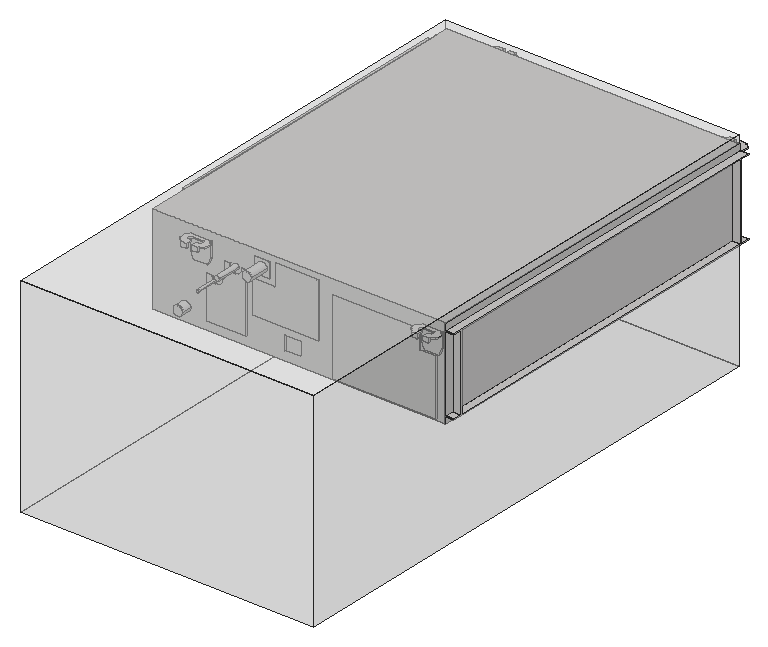
Revit family "outputfile", category 機械設備, Revit 2024
Family settings
  丸型コネクタ寸法 = 半径を使用
  パーツ タイプ = 標準
  OmniClass 番号 = 23.75.10.24.21.27.27
  OmniClass タイトル = Split System Air Conditioning Units
  作業面ベース = いいえ
  常に垂直 = はい
  ロード時にボイドで切り取り = いいえ
  注釈の向きを維持 = いいえ
  共有 = いいえ
  部屋計算ポイント = はい
Parameters (values of type "FMA50RVMA")
  Description = ""
  製造元 = "Daikin"
  書き出し IFC クラス(タイプ) = "IfcUnitaryEquipmentType"
  定義済み IFC タイプ(タイプ) = "AIRCONDITIONINGUNIT"
  Cost = 0
  モデル = "FMA50RVMA"
  Type Comments = ""
  Keynote = ""
  Type Image = (empty or 0)
  Assembly Code = ""
  switch_frequency = yes
  r_Liquid Pipe Size = Liquid Pipe Size / 2  # 3.2 mm
  r_Gas Pipe Size = Gas Pipe Size / 2  # 6.35 mm
  r_Drain Pipe Size = Drain Pipe Size / 2  # 12.5 mm
  lw_power = 770.0 mm  # constant formula
  lh_SA = 138.0 mm  # constant formula
  lw_SA = if(Depth = 550.0 mm, 225.0 mm, if(Depth = 700.0 mm, 300.0 mm, if(Depth = 1000.0 mm, 450.0 mm, if(Depth = 1400.0 mm, 650.0 mm, 725.0 mm))))  # 450.0 mm
  lw_RA = if(Depth = 550.0 mm, 275.0 mm, if(Depth = 700.0 mm, 349.0 mm, if(Depth = 1000.0 mm, 499.0 mm, if(Depth = 1400.0 mm, 699.0 mm, 775.0 mm))))  # 499.0 mm
  lh_power = 60.0 mm + [h***]  # 60.0 mm
  lh_mountinghole1 = lh_mountinghole + [h***]  # 222.0 mm
  lh_RA = 123.0 mm  # constant formula
  ld_power = Depth / 2  # 500.0 mm
  connector_voltage = Voltage_50Hz  # 230 V
  connector_powerinput = [Power Input (Cooling)]  # 0.000 kW
  connector_phase = Phase_50Hz  # 1
  Voltage_comment_50Hz = "220 - 240"
  Voltage_50Hz = 230 V
  URL = ""
  Supply Air Direction [instance] = yes
  Sound Power Level_H speed (dB) = 0
  Phase_50Hz = 1
  Minimum External Static Pressure = 50.00 Pa
  Minimum Circuit Amps_50Hz = 0.0 A
  Maximum Fuse Amps_50Hz = 0.0 A
  Maximum External Static Pressure = 150.00 Pa
  Material_Casing = DAIKIN_GalvanizedSteel_Casing_indoorunit
  lw_mountinghole = 630.0 mm  # constant formula
  lh_gaspipe = 183.0 mm + [h***]  # 183.0 mm
  lh_mountinghole = 222.0 mm  # constant formula
  lh_liquidpipe = 136.0 mm + [h***]  # 136.0 mm
  lh_drainpipe = 207.0 mm + [h***]  # 207.0 mm
  lh_antena = Height - lh_mountinghole + 1.0 mm  # 24.0 mm
  ld_drainpipe = Depth / 2 + 53.0 mm  # 553.0 mm
  ld_liquidpipe = Depth / 2 + 69.0 mm  # 569.0 mm
  ld_gaspipe = Depth / 2 + 65.0 mm  # 565.0 mm
  ld_mountinghole = Depth + 38.0 mm  # 1038.0 mm
  h*** = 0.0 mm  # constant formula
  lw_liquidpipe = 179.0 mm  # constant formula
  lw_gaspipe = 229.0 mm  # constant formula
  lw_drainpipe = 300.0 mm  # constant formula
  Width = 800.0 mm
  Version = "ver.1.0"
  Unit Type = "Duct (M.S.P)"
  Unit Mass Weight = 37.00 kg
  Unit Designation [instance] = ""
  Uniclass2015Version = "Products v1.30"
  Uniclass2015Title = "Split coil room air conditioning units"
  Uniclass2015Code = "Pr_70_65_03_86"
  Total Cooling Capacity [instance] = 0.000 kW
  Sound Pressure Level_M speed (dBA) = 33
  Sound Pressure Level_L speed (dBA) = 31
  Sound Pressure Level_H speed (dBA) = 35
  Series = "Multi Split_Fan Coil Unit"
  Sensible Cooling Capacity [instance] = 0.000 kW
  SA Duct Size Width = 792.0 mm
  SA Duct Size Height = 176.0 mm
  Refrigerant Type = "R32"
  RA Duct Size Width = 952.0 mm
  RA Duct Size Height = 208.0 mm
  Power Input (Cooling) = 0.000 kW
  Option Accessory 3 [instance] = ""
  Option Accessory 2 [instance] = ""
  Option Accessory 1 [instance] = ""
  Nominal Cooling Capacity = 5.000 kW
  Minimum Airflow = 750.00 m³/h
  Median Airflow = 900.00 m³/h
  Maximum Airflow = 1080.00 m³/h
  Load Classification = HVAC
  Liquid Pipe Size = 6.4 mm
  Link_Nested Family [instance] = ""
  IfcVersion = ""
  IfcExportType = "AIRCONDITIONINGUNIT"
  IfcExportAs = "IfcUnitaryEquipmentType"
  Height = 245.0 mm
  Heat Exchanger Type = "Cross Fin Coil"
  Gas Pipe Size = 12.7 mm
  Frequency_50Hz = 50 Hz
  Fan Type = "Sirocco Fan"
  Fan Drive = "Direct Drive"
  FCU Tag No. [instance] = ""
  Drain Pipe Size = 25.0 mm
  Design Supply Airflow [instance] = 0.00 m³/h
  Design Return Airflow [instance] = 0.00 m³/h
  Design External Static Pressure [instance] = 0.00 Pa
  Depth = 1000.0 mm
  既定の高さ = 0.0 mm
  Cooling Entering Wet Bulb Temperature [instance] = 0.00 °C
  Cooling Entering Dry Bulb Temperature [instance] = 0.00 °C
  Cooling Ambient Wet Bulb Temperature [instance] = 0.00 °C
  Cooling Ambient Dry Bulb Temperature [instance] = 0.00 °C
  Clearance visibility [instance] = yes
  Clearance Top = 20.0 mm
  Clearance Right = 0.0 mm
  Clearance Rear = 0.0 mm
  Clearance Left = 0.0 mm
  Clearance Front = 450.0 mm
  Clearance Bottom = 300.0 mm
Reference planes
  plane 1 "Center (Front/Back)": y = 0
  plane 2 "h": z = 0
  plane 3 "Center (Left/Right)": x = 0
  plane 4 "Back": y = 500
  plane 5 "Front": y = -500
  plane 6 "Left": x = -400
  plane 7 "Right": x = 400
  plane 8 "Top": z = 0
  plane 9 "Bottom": z = -245
  plane 10: y = -215
  plane 11: y = 500
  plane 12: y = -950
  plane 13: x = -400
  plane 14: x = 400
  plane 15: z = 20
  plane 16: z = -545
  plane 17: x = -400
  plane 18: x = -399
  plane 19: x = 399
  plane 20: y = 50
  plane 21: y = -1
  plane 22: z = -122
  plane 23: y = -501
  plane 24: z = -109
  plane 25: x = -221
  plane 26: y = -565
  plane 27: z = -62
  plane 28: x = -171
  plane 29: y = -553
  plane 30: z = -38
  plane 31: x = -100
  plane 32: x = -100
  plane 33: x = -221
  plane 34: x = -171
  plane 35: x = 370
  plane 36: x = -266
  plane 37: x = 364
  plane 38: y = -519
  plane 39: y = 519
  plane 40: z = -23
  plane 41: z = -107
  plane 42: y = -569
  plane 43: z = -207
  plane 44: x = -309
  plane 45: y = -526
  plane 46: x = -251
  plane 47: x = -203
  plane 48: x = -144
  plane 49: z = -59
  plane 50: z = -106
  plane 51: z = -221
  plane 52: z = -109
  plane 53: x = -221
  plane 54: z = -62
  plane 55: x = -171
  plane 56: z = -17
  plane 57: z = -59
  plane 58: x = -121
  plane 59: x = -79
  plane 60: x = -125
  plane 61: x = -64
  plane 62: x = 53
  plane 63: z = -164
  plane 64: z = -73
  plane 65: z = -16
  plane 66: x = 93.5
  plane 67: x = 374.5
  plane 68: x = 330
  plane 69: z = -88.5
  plane 70: z = -38
  plane 71: z = -242.5
  plane 72: x = -38.5
  plane 73: x = 6.5
  plane 74: z = -181
  plane 75: z = -221
  plane 76: y = -499
  plane 77: x = -424
  plane 78: x = 424
Forms (mm)
  Extrusion 1, solid, material "DAIKIN_GalvanizedSteel_Casing_indoorunit" <- "Material_Casing"
    sketch origin (0, 0, 0) x (1, 0, 0) y (0, 1, 0)
      loop
        line (-399, 500) -> (-399, -500) -> (399, -500) -> (399, 500) -> (-399, 500)
    from -245 to 0
  Extrusion 2, solid, material "DAIKIN_GalvanizedSteel_Casing_indoorunit" <- "Material_Casing"
    sketch origin (0, 0, 0) x (1, 0, 0) y (0, 0, 1)
      loop
        line (-251, -221) -> (-144, -221) -> (-144, -59) -> (-154.47, -59)
        arc (-154.47, -59) -> (-171, -78.8) -> (-187.53, -59) r 16.8
        line (-187.53, -59) -> (-203, -59) -> (-203, -106) -> (-206.916, -106)
        arc (-206.916, -106) -> (-221, -123.4) -> (-235.084, -106) r 14.4
        line (-235.084, -106) -> (-251, -106) -> (-251, -221)
    from 500 to 501
  Extrusion 3, solid, material "DAIKIN_GalvanizedSteel_Casing_indoorunit" <- "Material_Casing"
    sketch origin (0, 0, 0) x (1, 0, 0) y (0, 0, 1)
      loop
        line (-121, -17) -> (-121, -59) -> (-79, -59) -> (-79, -17) -> (-121, -17)
      loop
        line (-125, -73) -> (-125, -164) -> (53, -164) -> (53, -16) -> (-64, -16) -> (-64, -73) -> (-125, -73)
    from 500 to 501
  Extrusion 4, solid, material "DAIKIN_GalvanizedSteel_Casing_indoorunit" <- "Material_Casing"
    sketch origin (0, 0, 0) x (1, 0, 0) y (0, 0, 1)
      loop
        line (93.5, -38) -> (93.5, -242.5) -> (374.5, -242.5) -> (374.5, -88.5) -> (330, -88.5) -> (330, -38) -> (93.5, -38)
    from 500 to 501
  Extrusion 5, solid, material "DAIKIN_GalvanizedSteel_Casing_indoorunit" <- "Material_Casing"
    sketch origin (0, 0, 0) x (1, 0, 0) y (0, 0, 1)
      loop
        circle (-221, -109) r 3.2
    from 500 to 569
  Extrusion 6, solid, material "DAIKIN_GalvanizedSteel_Casing_indoorunit" <- "Material_Casing"
    sketch origin (0, 0, 0) x (1, 0, 0) y (0, 0, 1)
      loop
        circle (-171, -62) r 6.35
    from 500 to 565
  Extrusion 7, solid, material "DAIKIN_GalvanizedSteel_Casing_indoorunit" <- "Material_Casing"
    sketch origin (0, 0, 0) x (1, 0, 0) y (0, 0, 1)
      loop
        circle (-100, -38) r 12.5
    from 501 to 553
  Extrusion 8, solid, material "DAIKIN_GalvanizedSteel_Casing_indoorunit" <- "Material_Casing"
    sketch origin (0, 0, 0) x (1, 0, 0) y (0, 0, 1)
      loop
        circle (-309, -207) r 13
    from 500 to 526
  Extrusion 9, void
    sketch origin (0, 0, 0) x (1, 0, 0) y (0, 0, 1)
      loop
        line (-38.5, -181) -> (-38.5, -221) -> (6.5, -221) -> (6.5, -181) -> (-38.5, -181)
    from 499 to 500
Cuts and joins
  Extrusion 9 cuts Extrusion 1
Dimensions and locks
  "Height": plane 8 "Top" to plane 9 "Bottom"
  equal spacing: plane 4 "Back", plane 1 "Center (Front/Back)", plane 5 "Front"
  "Depth": plane 4 "Back" to plane 5 "Front"
  equal spacing: plane 6 "Left", plane 3 "Center (Left/Right)", plane 7 "Right"
  "Width": plane 6 "Left" to plane 7 "Right"
  "Clearance Left": plane 13 to plane 6 "Left"
  "Clearance Right": plane 7 "Right" to plane 14
  "Clearance Rear": plane 11 to plane 4 "Back"
  "Clearance Front": plane 5 "Front" to plane 12
  "Clearance Top": plane 15 to plane 8 "Top"
  "Clearance Bottom": plane 9 "Bottom" to plane 16
  locked: plane 17 to plane 18 at 1
  locked: plane 19 to plane 14 at 1
  "lw_SA": plane 11 to plane 20
  "lw_RA": plane 21 to plane 5 "Front"
  "lh_RA": plane 22 to plane 9 "Bottom"
  locked: plane 5 "Front" to plane 23 at 1
  "lw_liquidpipe": plane 25 to plane 6 "Left"
  "lh_liquidpipe": plane 24 to plane 9 "Bottom"
  "lh_gaspipe": plane 27 to plane 9 "Bottom"
  "lw_gaspipe": plane 28 to plane 6 "Left"
  "ld_gaspipe": plane 26 to plane 1 "Center (Front/Back)"
  "ld_drainpipe": plane 29 to plane 1 "Center (Front/Back)"
  "lh_drainpipe": plane 30 to plane 9 "Bottom"
  "lw_drainpipe": plane 31 to plane 6 "Left"
  "lw_drainpipe": plane 6 "Left" to plane 32
  "lw_liquidpipe": plane 6 "Left" to plane 33
  "lw_gaspipe": plane 6 "Left" to plane 34
  "lw_power": plane 6 "Left" to plane 35
  locked: plane 17 to plane 36 at 134
  "lw_mountinghole": plane 36 to plane 37
  equal spacing: plane 38, plane 1 "Center (Front/Back)", plane 39
  "ld_mountinghole": plane 39 to plane 38
  "lh_mountinghole": plane 40 to plane 9 "Bottom"
  "lh_SA": plane 41 to plane 9 "Bottom"
  locked: plane 44 to plane 6 "Left" at 91
  locked: plane 43 to plane 9 "Bottom" at 38
  plane 48 to plane 47 to plane 46 to plane 6 "Left" = 59.0 mm, 48.0 mm, 149.0 mm
  plane 8 "Top" to plane 49 to plane 50 to plane 51 = 59.0 mm locked, 47.0 mm locked, 115.0 mm locked
  plane 55 to plane 53 to plane 6 "Left" = 50.0 mm locked, 179.0 mm locked
  plane 54 to plane 52 to plane 9 "Bottom" = 47.0 mm locked, 136.0 mm locked
  plane 59 to plane 58 to plane 6 "Left" = 42.0 mm locked, 279.0 mm locked
  plane 8 "Top" to plane 56 to plane 57 = 17.0 mm locked, 42.0 mm locked
  plane 62 to plane 61 to plane 60 to plane 6 "Left" = 117.0 mm, 61.0 mm, 275.0 mm
  plane 8 "Top" to plane 65 to plane 64 = 16.0 mm locked, 57.0 mm locked
  locked: plane 65 to plane 63 at 148
  plane 8 "Top" to plane 70 to plane 69 to plane 71 = 38.0 mm locked, 50.5 mm locked, 154.0 mm locked
  plane 67 to plane 68 to plane 66 to plane 6 "Left" = 44.5 mm locked, 236.5 mm locked, 493.5 mm locked
  plane 8 "Top" to plane 74 to plane 75 = 181.0 mm locked, 40.0 mm locked
  plane 73 to plane 72 to plane 6 "Left" = 45.0 mm, 361.5 mm
  locked: plane 76 to plane 5 "Front" at 1
  locked: plane 77 to plane 17 at 24
  locked: plane 14 to plane 78 at 24
  "ld_liquidpipe": plane 42 to plane 1 "Center (Front/Back)"
  "r_Liquid Pipe Size": radius of Extrusion 5 sketch curve
  "r_Gas Pipe Size": radius of Extrusion 6 sketch curve
  "r_Drain Pipe Size": radius of Extrusion 7 sketch curve
  aligned and locked: level to plane 2 "h"
  aligned and locked: plane 8 "Top" to Extrusion 1
  aligned and locked: Extrusion 1 to plane 9 "Bottom"
  aligned and locked: nested 5 to plane 12
  aligned and locked: plane 13 to nested 5
  aligned and locked: plane 14 to nested 5
  aligned and locked: nested 5 to plane 13
  aligned and locked: plane 11 to nested 5
  aligned and locked: plane 15 to nested 5
  aligned and locked: plane 16 to nested 5
  aligned and locked: plane 5 "Front" to Extrusion 1 sketch curve
  aligned and locked: Extrusion 1 to plane 18
  aligned and locked: plane 19 to Extrusion 1
  aligned and locked: nested 7 to plane 18
  aligned and locked: nested 7 to plane 20
  aligned and locked: plane 19 to nested 8
  aligned and locked: plane 21 to nested 8
  aligned and locked: plane 22 to nested 8
  aligned and locked: Extrusion 2 to plane 23
  aligned and locked: plane 5 "Front" to Extrusion 2
  aligned and locked: Extrusion 3 to plane 23
  aligned and locked: plane 5 "Front" to Extrusion 3
  aligned and locked: plane 5 "Front" to Extrusion 4
  aligned and locked: Extrusion 5 sketch curve to plane 25
  aligned and locked: plane 24 to Extrusion 5 sketch curve
  aligned and locked: plane 5 "Front" to Extrusion 5
  aligned and locked: Extrusion 6 sketch curve to plane 28
  aligned and locked: plane 27 to Extrusion 6 sketch curve
  aligned and locked: plane 5 "Front" to Extrusion 6
  aligned and locked: Extrusion 7 sketch curve to plane 31
  aligned and locked: Extrusion 7 sketch curve to plane 30
  aligned and locked: Extrusion 7 to plane 29
  aligned and locked: plane 23 to Extrusion 7
  aligned and locked: nested 3 to plane 29
  aligned and locked: plane 32 to nested 3
  aligned and locked: nested 2 to plane 33
  aligned and locked: nested 1 to plane 34
  aligned and locked: Extrusion 6 to plane 26
  aligned and locked: nested 1 to plane 26
  aligned and locked: nested 6 to plane 5 "Front"
  aligned and locked: nested 6 to plane 35
  aligned and locked: plane 36 to nested 10
  aligned and locked: nested 10 to plane 5 "Front"
  aligned and locked: plane 37 to nested 9
  aligned and locked: nested 9 to plane 5 "Front"
  aligned and locked: nested 11 to plane 36
  aligned and locked: plane 4 "Back" to nested 11
  aligned and locked: nested 12 to plane 37
  aligned and locked: plane 4 "Back" to nested 12
  aligned and locked: plane 40 to nested 10
  aligned and locked: plane 40 to nested 11
  aligned and locked: plane 40 to nested 9
  aligned and locked: plane 40 to nested 12
  aligned and locked: plane 36 to nested 14
  aligned and locked: nested 14 to plane 39
  aligned and locked: plane 37 to nested 13
  aligned and locked: nested 13 to plane 39
  aligned and locked: plane 37 to nested 16
  aligned and locked: plane 38 to nested 16
  aligned and locked: plane 38 to nested 15
  aligned and locked: plane 36 to nested 15
  aligned and locked: plane 17 to plane 6 "Left"
  aligned and locked: plane 41 to nested 7
  aligned and locked: Extrusion 5 to plane 42
  aligned and locked: nested 2 to plane 42
  aligned and locked: Extrusion 8 sketch curve to plane 44
  aligned and locked: plane 43 to Extrusion 8 sketch curve
  aligned and locked: plane 5 "Front" to Extrusion 8
  aligned and locked: plane 45 to Extrusion 8
  aligned and locked: Extrusion 3 sketch curve to plane 56
  aligned and locked: Extrusion 3 sketch curve to plane 58
  aligned and locked: plane 57 to Extrusion 3 sketch curve
  aligned and locked: plane 59 to Extrusion 3 sketch curve
  aligned and locked: Extrusion 4 to plane 23
  aligned and locked: Extrusion 9 sketch curve to plane 74
  aligned and locked: plane 75 to Extrusion 9 sketch curve
  aligned and locked: plane 73 to Extrusion 9 sketch curve
  aligned and locked: plane 5 "Front" to Extrusion 9
  aligned and locked: plane 76 to Extrusion 9
  aligned and locked: nested 17 to plane 20
  aligned and locked: nested 17 to plane 77
  aligned and locked: plane 21 to nested 18
  aligned and locked: plane 78 to nested 18
  aligned and locked: plane 41 to nested 17
  aligned and locked: nested 18 to plane 22
  aligned and locked: nested 4 to plane 3 "Center (Left/Right)"
  aligned and locked: plane 1 "Center (Front/Back)" to nested 4
  aligned and locked: level to plane 8 "Top"
Automatic sketch dimensions
  plane 6 "Left" to Extrusion 1 sketch curve = 1.0 mm
  Extrusion 1 sketch curve to plane 7 "Right" = 1.0 mm
  Extrusion 1 sketch curve to plane 4 "Back" = 0.0 mm
  Extrusion 2 sketch curve to plane 46 = 0.0 mm
  Extrusion 2 sketch curve to plane 33 = 0.0 mm
  Extrusion 2 sketch curve to plane 47 = 0.0 mm
  Extrusion 2 sketch curve to plane 34 = 0.0 mm
  Extrusion 2 sketch curve to plane 48 = 0.0 mm
  Extrusion 2 sketch curve to plane 51 = 0.0 mm
  Extrusion 2 sketch curve to plane 52 = 0.0 mm
  Extrusion 2 sketch curve to plane 50 = 0.0 mm  (x3)
  Extrusion 2 sketch curve to plane 54 = 0.0 mm
  Extrusion 2 sketch curve to plane 49 = 0.0 mm  (x3)
  plane 33 to Extrusion 2 sketch curve = 14.084 mm
  plane 34 to Extrusion 2 sketch curve = 16.53 mm
  Extrusion 3 sketch curve to plane 60 = 0.0 mm
  Extrusion 3 sketch curve to plane 61 = 0.0 mm
  Extrusion 3 sketch curve to plane 62 = 0.0 mm
  Extrusion 3 sketch curve to plane 63 = 0.0 mm
  Extrusion 3 sketch curve to plane 64 = 0.0 mm
  Extrusion 3 sketch curve to plane 65 = 0.0 mm
  Extrusion 4 sketch curve to plane 66 = 0.0 mm
  Extrusion 4 sketch curve to plane 68 = 0.0 mm
  Extrusion 4 sketch curve to plane 67 = 0.0 mm
  Extrusion 4 sketch curve to plane 71 = 0.0 mm
  Extrusion 4 sketch curve to plane 69 = 0.0 mm
  Extrusion 4 sketch curve to plane 70 = 0.0 mm
  Extrusion 9 sketch curve to plane 72 = 0.0 mm
  radius of Extrusion 8 sketch curve = 13.0 mm
Nested families
  nested 1: "daikin_connector_rotate2" at (-171, 0, -62), length <- "ld_gaspipe", built-in parameter 1001364 <- "lh_gaspipe", radius <- "r_Gas Pipe Size", type "daikin_connector_rotate2"
    with radius 6.35 mm, length 565.0 mm, angle_vertical 90.00°
  nested 2: "daikin_connector_rotate2" at (-221, 0, -109), length <- "ld_liquidpipe", built-in parameter 1001364 <- "lh_liquidpipe", radius <- "r_Liquid Pipe Size", type "daikin_connector_rotate2"
    with radius 3.2 mm, length 569.0 mm, angle_vertical 90.00°
  nested 3: "daikin_connector_rotate2" at (-100, 0, -38), length <- "ld_drainpipe", built-in parameter 1001364 <- "lh_drainpipe", radius <- "r_Drain Pipe Size", type "daikin_connector_rotate2"
    with radius 12.5 mm, length 553.0 mm, angle_vertical 90.00°
  nested 4: "daikin_△_symbolicline" at (0, 0, 245) x (0, -1, 0) z (0, 0, 1), built-in parameter 1001364 <- "Height", visible <- "Supply Air Direction", type "daikin_△_symbolicline"
    with length 200.0 mm
  nested 5: "daikin_clearancespace" at (0, -225, -262.381), visible <- "Clearance visibility", show <- "Clearance visibility", Link_Nested Family <- "Link_Nested Family", type "daikin_clearancespace"
    with width 800.0 mm, show yes, height 565.0 mm, depth 1450.0 mm, Link_Nested Family ""
  nested 6: "daikin_connector_rotate2" at (370, 0, -185), built-in parameter 1001364 <- "lh_power", length <- "ld_power", type "daikin_connector_rotate2"
    with radius 10.0 mm, length 500.0 mm, angle_vertical 90.00°
  nested 7: "daikin_ductflange_FMA-RVMA2" at (-399, 50, -107) x (0, -1, 0) z (0, 0, 1), type "daikin_ductflange_FMA-RVMA2"
    with width 792.0 mm, w 1000.0 mm
  nested 8: "daikin_ductflange_FMA-RVMA" at (399, -1, -122) x (0, 1, 0) z (0, 0, 1), type "daikin_ductflange_FMA-RVMA"
    with width 952.0 mm, lw 25.0 mm, w 1000.0 mm
  nested 9: "daikin_hangerfixture_FMA-RVMA" at (364, -500, -23), type "daikin_hangerfixture_FMA-RVMA"
  nested 10: "daikin_hangerfixture_FMA-RVMA" at (-266, -500, -23), type "daikin_hangerfixture_FMA-RVMA"
  nested 11: "daikin_hangerfixture_FMA-RVMA" at (-266, 500, -23) x (-1, 0, 0) z (0, 0, 1), type "daikin_hangerfixture_FMA-RVMA"
  nested 12: "daikin_hangerfixture_FMA-RVMA" at (364, 500, -23) x (-1, 0, 0) z (0, 0, 1), type "daikin_hangerfixture_FMA-RVMA"
  nested 13: "daikin_mountinghole" at (364, 519, -245), h_mountinghole <- "lh_mountinghole1", l_antenna <- "lh_antena", Link_Nested Family <- "Link_Nested Family", type "daikin_mountinghole"
    with show yes, l_antenna 24.0 mm, h_mountinghole 222.0 mm, Link_Nested Family ""
  nested 14: "daikin_mountinghole" at (-266, 519, -245), h_mountinghole <- "lh_mountinghole1", l_antenna <- "lh_antena", Link_Nested Family <- "Link_Nested Family", type "daikin_mountinghole"
    with show yes, l_antenna 24.0 mm, h_mountinghole 222.0 mm, Link_Nested Family ""
  nested 15: "daikin_mountinghole" at (-266, -519, -245), h_mountinghole <- "lh_mountinghole1", l_antenna <- "lh_antena", Link_Nested Family <- "Link_Nested Family", type "daikin_mountinghole"
    with show yes, l_antenna 24.0 mm, h_mountinghole 222.0 mm, Link_Nested Family ""
  nested 16: "daikin_mountinghole" at (364, -519, -245), h_mountinghole <- "lh_mountinghole1", l_antenna <- "lh_antena", Link_Nested Family <- "Link_Nested Family", type "daikin_mountinghole"
    with show yes, l_antenna 24.0 mm, h_mountinghole 222.0 mm, Link_Nested Family ""
  nested 17: "daikin_connector_rotate2" at (-400, 50, -107) x (0, -1, 0) z (0, 0, 1), type "daikin_connector_rotate2"
    with radius 10.0 mm, length 24.0 mm, angle_vertical 90.00°
  nested 18: "daikin_connector_rotate2" at (400, -1, -122) x (0, 1, 0) z (0, 0, 1), type "daikin_connector_rotate2"
    with radius 10.0 mm, length 24.0 mm, angle_vertical 90.00°
Connectors
  piping at (-100, -553, -38), diameter 25, driven by "r_Drain Pipe Size"
    settings: on nested 3, index 3, connector inside diameter 609.6 mm, connector length 0.0 mm, flow factor 0, pipe flow 0.00 m³/h, pressure drop 0.0 Pa, fitting loss kfactor 0, connector angle 0.00°, fixture units 0, engagement length 0.0 mm, angle of deflection 0.00°, flow configuration 1, flow direction 2, fitting loss method 4, system type 16, joint type 0, gender type 0, connector reference index -1, connector utility 0, adjustable connector no, is connector primary yes, connector description "Condensate Drain Piping"
  piping at (-171, -565, -62), diameter 12.7, driven by "r_Gas Pipe Size"
    settings: on nested 1, index 4, connector inside diameter 609.6 mm, connector length 0.0 mm, flow factor 0, pipe flow 0.00 m³/h, pressure drop 0.0 Pa, fitting loss kfactor 0, connector angle 0.00°, fixture units 0, engagement length 0.0 mm, angle of deflection 0.00°, flow configuration 1, flow direction 2, fitting loss method 0, system type 29, joint type 0, gender type 0, connector reference index -1, connector utility 0, adjustable connector no, is connector primary no, connector description "Refrigerant Gas Piping"
  piping at (-221, -569, -109), diameter 6.4, driven by "r_Liquid Pipe Size"
    settings: on nested 2, index 5, connector inside diameter 609.6 mm, connector length 0.0 mm, flow factor 0, pipe flow 0.00 m³/h, pressure drop 0.0 Pa, fitting loss kfactor 0, connector angle 0.00°, fixture units 0, engagement length 0.0 mm, angle of deflection 0.00°, flow configuration 1, flow direction 1, fitting loss method 0, system type 29, joint type 0, gender type 0, connector reference index -1, connector utility 0, adjustable connector no, is connector primary no, connector description "Refrigerant Liquid Piping"
  electrical at (370, -500, -185), driven by "Load Classification", driven by "connector_voltage", driven by "connector_powerinput", driven by "connector_phase"
    settings: on nested 6, index 6, voltage 230 V, apparent load 0 VA, apparent load phase1 0 VA, apparent load phase2 0 VA, apparent load phase3 0 VA, power factor 1, load classification "HVAC", number of poles 1, system type 30, power factor state 1, is connector primary yes, connector utility no, sub classification motor no, connector description "Power Supply"
  hvac at (-424, 50, -107), driven by "SA Duct Size Height", driven by "SA Duct Size Width"
    settings: on nested 17, index 7, duct flow 0.00 m³/h, flow factor 0, pres drop 0.00 Pa, loss coef 0, conn angle 0.00°, conn width 792.0 mm, conn height 176.0 mm, conn diameter 609.6 mm, duct sys type 1, conn prof type 1, flow config 0, flow direction 2, loss method 4, conn ref index -1, conn util no, is conn primary yes, conn desc "SA Duct"
  hvac at (424, -1, -122), driven by "RA Duct Size Height", driven by "RA Duct Size Width"
    settings: on nested 18, index 8, duct flow 0.00 m³/h, flow factor 0, pres drop 0.00 Pa, loss coef 0, conn angle 0.00°, conn width 952.0 mm, conn height 208.0 mm, conn diameter 609.6 mm, duct sys type 2, conn prof type 1, flow config 0, flow direction 1, loss method 4, conn ref index -1, conn util no, is conn primary no, conn desc "RA Duct"
Definition of nested family "daikin_clearancespace"
  Parameters (values of type "daikin_clearancespace")
    Description = "daikin_clearancespace"
    width [instance] = 1823.963 mm
    show [instance] = yes
    material = none
    height [instance] = 1359.762 mm
    depth [instance] = 880.0 mm
    Default Elevation = 0.0 mm
    Link_Nested Family [instance] = ""
  Reference planes
    plane 1 "Center (Front/Back)": y = 0
    plane 2 "Center (Elevation)": z = -0.119
    plane 3 "Center (Left/Right)": x = 0
    plane 4: y = 440
    plane 5: y = -440
    plane 6 "Right": x = 911.982
    plane 7 "Left": x = -911.982
    plane 8 "Top": z = 679.762
    plane 9 "Bottom": z = -680
  Forms (mm)
    Extrusion 1, solid, material <- "material", visible <- "show"
      sketch origin (0, 0, 0) x (1, 0, 0) y (0, 1, 0)
        loop
          line (-911.982, 440) -> (-911.982, -440) -> (911.982, -440) -> (911.982, 440) -> (-911.982, 440)
      from -680 to 679.762
  Lines and regions (mm)
    symbolic lines, visible <- "show"
      curve 1: line (911.982, 440, 0) -> (-911.982, 440, 0)
      curve 2: line (-911.982, 440, 0) -> (-911.982, -440, 0)
      curve 3: line (-911.982, -440, 0) -> (911.982, -440, 0)
      curve 4: line (911.982, -440, 0) -> (911.982, 440, 0)
      curve 5: line (911.982, 0, 679.762) -> (-911.982, 0, 679.762)
      curve 6: line (911.982, 0, -680) -> (911.982, 0, 679.762)
      curve 7: line (-911.982, 0, -680) -> (911.982, 0, -680)
      curve 8: line (-911.982, 0, 679.762) -> (-911.982, 0, -680)
      curve 9: line (0, 440, 679.762) -> (0, -440, 679.762)
      curve 10: line (0, -440, 679.762) -> (0, -440, -680)
      curve 11: line (0, 440, -680) -> (0, 440, 679.762)
      curve 12: line (0, -440, -680) -> (0, 440, -680)
  Dimensions and locks
    "width": plane 7 "Left" to plane 6 "Right"
    "depth": plane 4 to plane 5
    "height": plane 8 "Top" to plane 9 "Bottom"
    equal spacing: plane 7 "Left", plane 3 "Center (Left/Right)", plane 6 "Right"
    equal spacing: plane 4, plane 1 "Center (Front/Back)", plane 5
    equal spacing: plane 8 "Top", plane 2 "Center (Elevation)", plane 9 "Bottom"
    aligned and locked: level to plane 2 "Center (Elevation)"
    aligned and locked: Extrusion 1 sketch curve to plane 4
    aligned and locked: plane 7 "Left" to Extrusion 1 sketch curve
    aligned and locked: Extrusion 1 sketch curve to plane 5
    aligned and locked: Extrusion 1 sketch curve to plane 6 "Right"
    aligned and locked: plane 8 "Top" to Extrusion 1
    aligned and locked: curve 1 to Extrusion 1
    aligned and locked: curve 2 to Extrusion 1
    aligned and locked: curve 3 to Extrusion 1
    aligned and locked: curve 4 to Extrusion 1
    aligned and locked: curve 5 to Extrusion 1
    aligned and locked: curve 6 to Extrusion 1
    aligned and locked: curve 7 to Extrusion 1
    aligned and locked: curve 8 to Extrusion 1
    aligned and locked: curve 9 to Extrusion 1
    aligned and locked: curve 10 to Extrusion 1
    aligned and locked: curve 11 to Extrusion 1
    aligned and locked: curve 12 to Extrusion 1
    aligned and locked: Extrusion 1 to plane 9 "Bottom"
Definition of nested family "daikin_ductflange_FMA-RVMA2"
  Parameters (values of type "daikin_ductflange_FBFC-DVMG2")
    width = if(w = 550.0 mm, 337.0 mm, if(w = 700.0 mm, 492.0 mm, if(w = 1000.0 mm, 792.0 mm, if(w = 1400.0 mm, 1192.0 mm, 1337.0 mm))))  # 1192.0 mm
    material = none
    height = 215.0 mm
    depth = 1.0 mm
    w = 1400.0 mm
    Default Elevation = 0.0 mm
  Reference planes
    plane 1 "Center (Front/Back)": y = 0
    plane 2: z = 0
    plane 3 "Center (Left/Right)": x = 0
    plane 4: z = 88
    plane 5: z = -88
    plane 6: y = -25
    plane 7: z = 106
    plane 8: z = 89
    plane 9: y = -1
    plane 10: x = -617.5
    plane 11: x = 617.5
    plane 12: z = -106
    plane 13: z = -89
    plane 14: y = -1
    plane 15: x = 596
    plane 16: x = -596
    plane 17: x = 597
    plane 18: z = 87
    plane 19: z = -87
    plane 20: x = -597
    plane 21: z = 87
    plane 22: z = -87
    plane 23: y = -1
  Forms (mm)
    Extrusion 1, solid, material <- "material"
      sketch origin (0, 0, 0) x (0, 1, 0) y (0, 0, 1)
        loop
          line (-25, 88) -> (0, 88) -> (0, 106) -> (-1, 106) -> (-1, 89) -> (-25, 89) -> (-25, 88)
      from -617.5 to 617.5
    Extrusion 2, solid, material <- "material"
      sketch origin (0, 0, 0) x (0, 1, 0) y (0, 0, 1)
        loop
          line (-25, -88) -> (-25, -89) -> (-1, -89) -> (-1, -106) -> (0, -106) -> (0, -88) -> (-25, -88)
      from -617.5 to 617.5
    Extrusion 3, solid, material <- "material"
      sketch origin (0, 0, 0) x (1, 0, 0) y (0, 0, 1)
        loop
          line (596, 88) -> (596, -88) -> (617.5, -88) -> (617.5, -87) -> (597, -87) -> (597, 87) -> (617.5, 87) -> (617.5, 88) -> (596, 88)
      from 0 to 25
    Extrusion 4, solid, material <- "material"
      sketch origin (0, 0, 0) x (1, 0, 0) y (0, 0, 1)
        loop
          line (-617.5, 88) -> (-617.5, 87) -> (-597, 87) -> (-597, -87) -> (-617.5, -87) -> (-617.5, -88) -> (-596, -88) -> (-596, 88) -> (-617.5, 88)
      from 0 to 25
    Extrusion 5, solid, material <- "material"
      sketch origin (0, 0, 0) x (1, 0, 0) y (0, 0, 1)
        loop
          line (-617.5, 88) -> (-617.5, -88) -> (-596, -88) -> (-596, 88) -> (-617.5, 88)
        loop
          line (617.5, 88) -> (596, 88) -> (596, -88) -> (617.5, -88) -> (617.5, 88)
      from 0 to 1
  Cuts and joins
    joined: Extrusion 1, Extrusion 2, Extrusion 3, Extrusion 4, Extrusion 5
  Dimensions and locks
    plane 4 to level to plane 5 = 88.0 mm, 88.0 mm
    locked: plane 6 to plane 1 "Center (Front/Back)" at 25
    locked: plane 9 to plane 1 "Center (Front/Back)" at 1
    locked: plane 8 to plane 4 at 1
    locked: plane 16 to plane 10 at 21.5
    locked: plane 17 to plane 15 at 1
    locked: plane 4 to plane 18 at 1
    locked: plane 19 to plane 5 at 1
    "width": plane 15 to plane 16
    plane 4 to plane 5 = 176.0 mm
    locked: plane 16 to plane 20 at 1
    locked: plane 4 to plane 21 at 1
    locked: plane 22 to plane 5 at 1
    locked: plane 23 to plane 1 "Center (Front/Back)" at 1
    plane 4 to level to plane 5 = 88.0 mm locked, 88.0 mm locked
    locked: plane 5 to plane 13 at 1
    locked: plane 5 to plane 12 at 18
    locked: plane 7 to plane 4 at 18
    equal spacing: plane 15, plane 3 "Center (Left/Right)", plane 16
    locked: plane 11 to plane 15 at 21.5
    plane 11 to plane 10 = 1235.0 mm
    aligned and locked: level to plane 2
    aligned and locked: Extrusion 1 to plane 10
    aligned and locked: plane 11 to Extrusion 1
    aligned and locked: plane 5 to Extrusion 2
    aligned and locked: Extrusion 2 to plane 1 "Center (Front/Back)"
    aligned and locked: plane 15 to Extrusion 3 sketch curve
    aligned and locked: Extrusion 3 sketch curve to Extrusion 2  (x2)
    aligned and locked: Extrusion 3 sketch curve to plane 11
    aligned and locked: plane 6 to Extrusion 3
    aligned and locked: Extrusion 2 to plane 10
    aligned and locked: plane 11 to Extrusion 2
    aligned and locked: Extrusion 4 sketch curve to Extrusion 1  (x2)
    aligned and locked: plane 5 to Extrusion 4 sketch curve
    aligned and locked: Extrusion 4 sketch curve to plane 16
    aligned and locked: Extrusion 4 sketch curve to plane 22
    aligned and locked: plane 20 to Extrusion 4 sketch curve
    aligned and locked: plane 21 to Extrusion 4 sketch curve
    aligned and locked: Extrusion 4 to plane 1 "Center (Front/Back)"
    aligned and locked: plane 6 to Extrusion 4
    aligned and locked: Extrusion 5 sketch curve to Extrusion 1  (x4)
    aligned and locked: Extrusion 5 sketch curve to Extrusion 4  (x2)
    aligned and locked: Extrusion 5 sketch curve to Extrusion 3  (x2)
    aligned and locked: Extrusion 5 to plane 1 "Center (Front/Back)"
    aligned and locked: plane 23 to Extrusion 5
  Automatic sketch dimensions
    Extrusion 1 sketch curve to plane 6 = 0.0 mm
    Extrusion 1 sketch curve to plane 7 = 0.0 mm
    Extrusion 1 sketch curve to plane 9 = 0.0 mm
    Extrusion 1 sketch curve to plane 1 "Center (Front/Back)" = 0.0 mm
    Extrusion 1 sketch curve to plane 4 = 0.0 mm
    Extrusion 1 sketch curve to plane 8 = 0.0 mm
    Extrusion 2 sketch curve to plane 6 = 0.0 mm
    plane 12 to Extrusion 2 sketch curve = 0.0 mm
    Extrusion 2 sketch curve to plane 14 = 0.0 mm
    Extrusion 2 sketch curve to plane 1 "Center (Front/Back)" = 0.0 mm
    plane 13 to Extrusion 2 sketch curve = 0.0 mm
    Extrusion 2 sketch curve to plane 5 = 0.0 mm
    Extrusion 3 sketch curve to plane 17 = 0.0 mm
    Extrusion 3 sketch curve to plane 19 = 0.0 mm
    Extrusion 3 sketch curve to plane 18 = 0.0 mm
    Extrusion 3 sketch curve to plane 4 = 0.0 mm
    Extrusion 4 sketch curve to plane 10 = 0.0 mm
Definition of nested family "daikin_ductflange_FMA-RVMA"
  Parameters (values of type "daikin_ductflange_FBFC-DVMG")
    width = if(w = 550.0 mm, 502.0 mm, if(w = 700.0 mm, 654.0 mm, if(w = 1000.0 mm, 952.0 mm, if(w = 1400.0 mm, 1352.0 mm, 1502.0 mm))))  # 654.0 mm
    material = none
    lw = if(width = 654.0 mm, 23.0 mm, 25.0 mm)  # 23.0 mm
    height = 208.0 mm
    depth = 1.0 mm
    w = 700.0 mm
    Default Elevation = 0.0 mm
  Reference planes
    plane 1 "Center (Front/Back)": y = 0
    plane 2: z = 0
    plane 3 "Center (Left/Right)": x = 0
    plane 4: z = 104
    plane 5: z = -104
    plane 6: y = -25
    plane 7: z = 121
    plane 8: z = 105
    plane 9: y = -1
    plane 10: x = -350
    plane 11: x = 350
    plane 12: z = -122
    plane 13: z = -105
    plane 14: y = -1
    plane 15: x = 327
    plane 16: x = -327
    plane 17: x = 328
    plane 18: z = 103
    plane 19: z = -103
    plane 20: x = -328
    plane 21: z = 103
    plane 22: z = -103
    plane 23: y = -1
  Forms (mm)
    Extrusion 1, solid, material <- "material"
      sketch origin (0, 0, 0) x (0, 1, 0) y (0, 0, 1)
        loop
          line (-25, 104) -> (0, 104) -> (0, 121) -> (-1, 121) -> (-1, 105) -> (-25, 105) -> (-25, 104)
      from -350 to 350
    Extrusion 2, solid, material <- "material"
      sketch origin (0, 0, 0) x (0, 1, 0) y (0, 0, 1)
        loop
          line (-25, -104) -> (-25, -105) -> (-1, -105) -> (-1, -122) -> (0, -122) -> (0, -104) -> (-25, -104)
      from -350 to 350
    Extrusion 3, solid, material <- "material"
      sketch origin (0, 0, 0) x (1, 0, 0) y (0, 0, 1)
        loop
          line (327, 104) -> (327, -104) -> (350, -104) -> (350, -103) -> (328, -103) -> (328, 103) -> (350, 103) -> (350, 104) -> (327, 104)
      from 0 to 25
    Extrusion 4, solid, material <- "material"
      sketch origin (0, 0, 0) x (1, 0, 0) y (0, 0, 1)
        loop
          line (-350, 104) -> (-350, 103) -> (-328, 103) -> (-328, -103) -> (-350, -103) -> (-350, -104) -> (-327, -104) -> (-327, 104) -> (-350, 104)
      from 0 to 25
    Extrusion 5, solid, material <- "material"
      sketch origin (0, 0, 0) x (1, 0, 0) y (0, 0, 1)
        loop
          line (-350, 104) -> (-350, -104) -> (-327, -104) -> (-327, 104) -> (-350, 104)
        loop
          line (350, 104) -> (327, 104) -> (327, -104) -> (350, -104) -> (350, 104)
      from 0 to 1
  Cuts and joins
    joined: Extrusion 1, Extrusion 2, Extrusion 3, Extrusion 4, Extrusion 5
  Dimensions and locks
    plane 4 to level to plane 5 = 104.0 mm, 104.0 mm
    locked: plane 6 to plane 1 "Center (Front/Back)" at 25
    locked: plane 9 to plane 1 "Center (Front/Back)" at 1
    locked: plane 8 to plane 4 at 1
    "lw": plane 11 to plane 15
    "lw": plane 16 to plane 10
    locked: plane 17 to plane 15 at 1
    locked: plane 4 to plane 18 at 1
    locked: plane 19 to plane 5 at 1
    "width": plane 15 to plane 16
    equal spacing: plane 15, plane 3 "Center (Left/Right)", plane 16
    locked: plane 16 to plane 20 at 1
    locked: plane 4 to plane 21 at 1
    locked: plane 22 to plane 5 at 1
    locked: plane 23 to plane 1 "Center (Front/Back)" at 1
    locked: plane 7 to plane 4 at 17
    locked: plane 1 "Center (Front/Back)" to plane 14 at 1
    locked: plane 5 to plane 13 at 1
    "height": plane 4 to plane 5
    plane 11 to plane 10 = 700.0 mm
    locked: plane 12 to plane 13 at 17
    equal spacing: plane 4, level, plane 5
    aligned and locked: level to plane 2
    aligned and locked: Extrusion 1 to plane 10
    aligned and locked: plane 11 to Extrusion 1
    aligned and locked: plane 5 to Extrusion 2
    aligned and locked: Extrusion 2 to plane 1 "Center (Front/Back)"
    aligned and locked: plane 15 to Extrusion 3 sketch curve
    aligned and locked: Extrusion 3 sketch curve to Extrusion 2  (x2)
    aligned and locked: Extrusion 3 sketch curve to plane 11
    aligned and locked: plane 6 to Extrusion 3
    aligned and locked: Extrusion 2 to plane 10
    aligned and locked: plane 11 to Extrusion 2
    aligned and locked: Extrusion 4 sketch curve to Extrusion 1  (x2)
    aligned and locked: plane 5 to Extrusion 4 sketch curve
    aligned and locked: Extrusion 4 sketch curve to plane 16
    aligned and locked: Extrusion 4 sketch curve to plane 22
    aligned and locked: plane 20 to Extrusion 4 sketch curve
    aligned and locked: plane 21 to Extrusion 4 sketch curve
    aligned and locked: Extrusion 4 to plane 1 "Center (Front/Back)"
    aligned and locked: plane 6 to Extrusion 4
    aligned and locked: Extrusion 5 sketch curve to Extrusion 1  (x4)
    aligned and locked: Extrusion 5 sketch curve to Extrusion 4  (x2)
    aligned and locked: Extrusion 5 sketch curve to Extrusion 3  (x2)
    aligned and locked: Extrusion 5 to plane 1 "Center (Front/Back)"
    aligned and locked: plane 23 to Extrusion 5
  Automatic sketch dimensions
    Extrusion 1 sketch curve to plane 6 = 0.0 mm
    Extrusion 1 sketch curve to plane 7 = 0.0 mm
    Extrusion 1 sketch curve to plane 9 = 0.0 mm
    Extrusion 1 sketch curve to plane 1 "Center (Front/Back)" = 0.0 mm
    Extrusion 1 sketch curve to plane 4 = 0.0 mm
    Extrusion 1 sketch curve to plane 8 = 0.0 mm
    Extrusion 2 sketch curve to plane 6 = 0.0 mm
    plane 12 to Extrusion 2 sketch curve = 0.0 mm
    Extrusion 2 sketch curve to plane 14 = 0.0 mm
    Extrusion 2 sketch curve to plane 1 "Center (Front/Back)" = 0.0 mm
    plane 13 to Extrusion 2 sketch curve = 0.0 mm
    Extrusion 2 sketch curve to plane 5 = 0.0 mm
    Extrusion 3 sketch curve to plane 17 = 0.0 mm
    Extrusion 3 sketch curve to plane 19 = 0.0 mm
    Extrusion 3 sketch curve to plane 18 = 0.0 mm
    Extrusion 3 sketch curve to plane 4 = 0.0 mm
    Extrusion 4 sketch curve to plane 10 = 0.0 mm
Definition of nested family "daikin_hangerfixture_FMA-RVMA"
  Parameters (values of type "daikin_hangerfixture_FXMQ-PAVE")
    width = 72.0 mm
    material = none
    height = 60.0 mm
    depth = 41.0 mm
    Default Elevation = 0.0 mm
  Reference planes
    plane 1 "Center (Front/Back)": y = 0
    plane 2: z = 0
    plane 3 "Center (Left/Right)": x = 0
    plane 4: y = 417.146
    plane 5: y = -41
    plane 6: x = -36
    plane 7: x = 36
    plane 8: z = -2.3
    plane 9: z = -60
    plane 10: y = -2.3
    plane 11: z = -12
    plane 12: y = -38.7
  Forms (mm)
    Extrusion 1, solid, material <- "material"
      sketch origin (0, 0, 0) x (1, 0, 0) y (0, 1, 0)
        loop
          line (-28, 0) -> (-28, -5)
          arc (-28, -5) -> (-29.127, -8.162) -> (-32, -9.899) r 5
          arc (-32, -9.899) -> (-34.873, -11.636) -> (-36, -14.798) r 5
          line (-36, -14.798) -> (-36, -27.178)
          arc (-36, -27.178) -> (-35.429, -29.499) -> (-33.846, -31.289) r 5
          line (-33.846, -31.289) -> (-23, -38.798) -> (-23, -41.098) -> (-6.5, -41.098) -> (-6.5, -28.498)
          arc (-6.5, -28.498) -> (-7.379, -26.377) -> (-9.5, -25.498) r 3
          line (-9.5, -25.498) -> (-13.5, -25.498)
          arc (-13.5, -25.498) -> (-20, -18.998) -> (-13.5, -12.498) r 6.5
          line (-13.5, -12.498) -> (13.5, -12.498)
          arc (13.5, -12.498) -> (20, -18.998) -> (13.5, -25.498) r 6.5
          line (13.5, -25.498) -> (9.5, -25.498)
          arc (9.5, -25.498) -> (7.379, -26.377) -> (6.5, -28.498) r 3
          line (6.5, -28.498) -> (6.5, -41.098) -> (23, -41.098) -> (23, -38.798) -> (33.846, -31.289)
          arc (33.846, -31.289) -> (35.429, -29.499) -> (36, -27.178) r 5
          line (36, -27.178) -> (36, -14.596)
          arc (36, -14.596) -> (34.873, -11.434) -> (32, -9.697) r 5
          arc (32, -9.697) -> (29.127, -7.96) -> (28, -4.798) r 5
          line (28, -4.798) -> (28, 0) -> (-28, 0)
      from 0 to -2.3
    Extrusion 2, solid, material <- "material"
      sketch origin (0, 0, 0) x (1, 0, 0) y (0, 0, 1)
        loop
          line (28, -39.037) -> (28, 0) -> (-28, 0) -> (-28, -39.037)
          arc (-28, -39.037) -> (-27.91, -39.983) -> (-27.642, -40.894) r 5
          line (-27.642, -40.894) -> (-21.257, -56.857)
          arc (-21.257, -56.857) -> (-19.418, -59.14) -> (-16.615, -60) r 5
          line (-16.615, -60) -> (16.615, -60)
          arc (16.615, -60) -> (19.418, -59.14) -> (21.257, -56.857) r 5
          line (21.257, -56.857) -> (27.642, -40.894)
          arc (27.642, -40.894) -> (27.91, -39.983) -> (28, -39.037) r 5
      from 0 to 2.3
    Extrusion 3, solid, material <- "material"
      sketch origin (0, 0, 0) x (1, 0, 0) y (0, 0, 1)
        loop
          line (-23, 0) -> (-23, -9)
          arc (-23, -9) -> (-22.121, -11.121) -> (-20, -12) r 3
          line (-20, -12) -> (-9.5, -12)
          arc (-9.5, -12) -> (-7.379, -11.121) -> (-6.5, -9) r 3
          line (-6.5, -9) -> (-6.5, 0) -> (-23, 0)
        loop
          line (23, 0) -> (6.5, 0) -> (6.5, -9)
          arc (6.5, -9) -> (7.379, -11.121) -> (9.5, -12) r 3
          line (9.5, -12) -> (20, -12)
          arc (20, -12) -> (22.121, -11.121) -> (23, -9) r 3
          line (23, -9) -> (23, 0)
      from 38.8 to 41.098
  Cuts and joins
    joined: Extrusion 1, Extrusion 2, Extrusion 3
  Dimensions and locks
    plane 2 to plane 8 = 2.3 mm
    "height": plane 2 to plane 9
    locked: plane 10 to plane 1 "Center (Front/Back)" at 2.3
    locked: plane 2 to plane 11 at 12
    locked: plane 12 to plane 5 at 2.3
    aligned and locked: level to plane 2
    aligned and locked: Extrusion 1 to plane 8
    aligned and locked: plane 2 to Extrusion 1
    aligned and locked: plane 2 to Extrusion 2 sketch curve
    aligned and locked: Extrusion 2 to plane 10
    aligned and locked: Extrusion 2 to plane 1 "Center (Front/Back)"
    aligned and locked: Extrusion 3 sketch curve to cut or joined group of Extrusion 1, Extrusion 2, Extrusion 3  (x3)
    aligned and locked: cut or joined group of Extrusion 1, Extrusion 2, Extrusion 3 to Extrusion 3
  Automatic sketch dimensions
    Extrusion 2 sketch curve to plane 7 = 8.0 mm
    Extrusion 2 sketch curve to plane 8 = 36.737 mm
    plane 6 to Extrusion 2 sketch curve = 19.385 mm
    Extrusion 1 sketch curve to plane 6 = 0.0 mm
    plane 1 "Center (Front/Back)" to Extrusion 1 sketch curve = 0.0 mm
    Extrusion 1 sketch curve to plane 7 = 0.0 mm
    plane 6 to Extrusion 1 sketch curve = 2.154 mm
    plane 6 to Extrusion 1 sketch curve = 3.0 mm
    Extrusion 1 sketch curve to Extrusion 1 sketch curve = 5.0 mm  (x3)
    Extrusion 1 sketch curve to plane 12 = 0.098 mm  (x2)
    Extrusion 1 sketch curve to Extrusion 1 sketch curve = 4.0 mm  (x2)
    Extrusion 1 sketch curve to plane 5 = 0.098 mm  (x2)
    Extrusion 1 sketch curve to plane 3 "Center (Left/Right)" = 6.5 mm
    plane 3 "Center (Left/Right)" to Extrusion 1 sketch curve = 6.5 mm
    Extrusion 1 sketch curve to Extrusion 1 sketch curve = 3.0 mm
    Extrusion 1 sketch curve to plane 7 = 8.0 mm
    Extrusion 1 sketch curve to plane 7 = 5.0 mm
    Extrusion 1 sketch curve to plane 7 = 3.0 mm
    Extrusion 1 sketch curve to plane 7 = 2.154 mm
    plane 12 to Extrusion 1 sketch curve = 7.411 mm  (x2)
    plane 12 to Extrusion 1 sketch curve = 10.202 mm  (x2)
    Extrusion 1 sketch curve to Extrusion 1 sketch curve = 6.5 mm  (x2)
    Extrusion 1 sketch curve to Extrusion 1 sketch curve = 12.38 mm
    Extrusion 1 sketch curve to plane 10 = 12.296 mm
    Extrusion 1 sketch curve to plane 10 = 2.7 mm
    Extrusion 1 sketch curve to plane 10 = 2.498 mm
    plane 6 to Extrusion 1 sketch curve = 4.0 mm
    Extrusion 1 sketch curve to Extrusion 1 sketch curve = 0.0 mm  (x2)
    Extrusion 1 sketch curve to plane 7 = 4.0 mm
    Extrusion 1 sketch curve to Extrusion 1 sketch curve = 4.111 mm
    Extrusion 3 sketch curve to level = 0.0 mm  (x2)
    Extrusion 3 sketch curve to plane 11 = 0.0 mm  (x2)
    plane 11 to Extrusion 3 sketch curve = 3.0 mm  (x2)
    plane 3 "Center (Left/Right)" to Extrusion 3 sketch curve = 6.5 mm
    Extrusion 3 sketch curve to Extrusion 3 sketch curve = 3.0 mm  (x2)
    Extrusion 2 sketch curve to plane 9 = 0.0 mm
    Extrusion 2 sketch curve to Extrusion 2 sketch curve = 11.385 mm
    plane 6 to Extrusion 2 sketch curve = 8.0 mm
    plane 9 to Extrusion 2 sketch curve = 20.963 mm
    Extrusion 2 sketch curve to Extrusion 2 sketch curve = 5.0 mm  (x2)
    plane 9 to Extrusion 2 sketch curve = 3.143 mm  (x3)
    Extrusion 2 sketch curve to Extrusion 2 sketch curve = 4.642 mm  (x2)
    Extrusion 2 sketch curve to Extrusion 2 sketch curve = 0.0 mm  (x2)
    Extrusion 2 sketch curve to Extrusion 2 sketch curve = 0.358 mm
    Extrusion 2 sketch curve to Extrusion 2 sketch curve = 1.857 mm  (x2)
Definition of nested family "daikin_connector_rotate2"
  Parameters (values of type "daikin_connector_rotate2")
    Default Elevation = 1219.2 mm
    show_face = no
    radius [instance] = 10.0 mm
    length [instance] = 600.0 mm
    d_surface = 10.0 mm
    angle_vertical [instance] = 90.00°
  Reference planes
    plane 1 "Center (Front/Back)": y = 0
    plane 2: z = 0
    plane 3 "Center (Left/Right)": x = 0
  Forms (mm)
    Extrusion 1, solid, visible <- "show_face"
      sketch origin (0, -600, 0) x (1, 0, 0) y (0, 0, 1)
        loop
          circle (0, 0) r 10
      from 0 to -10
  Lines and regions (mm)
    reference lines
      curve 1: line (0, 0, 0) -> (0, -600, 0)
    symbolic lines
      curve 2: circle (0, 0, 0) r 5 normal (0, 0, 1)
    model lines, visible <- "show_face"
      curve 3: line (0, 0, 0) -> (0, -600, 0)
  Dimensions and locks
    "length": curve 1 to curve 1
    "length": curve 3 to curve 3
    "d_surface": Extrusion 1 to Extrusion 1
    "radius": radius of Extrusion 1 sketch curve
    "angle_vertical": angle curve 1 to plane 1 "Center (Front/Back)"
    "angle_vertical": angle curve 3 to plane 1 "Center (Front/Back)"
    aligned and locked: level to plane 2
    aligned and locked: plane 1 "Center (Front/Back)" to curve 1
    aligned and locked: plane 2 to curve 1
    aligned and locked: plane 1 "Center (Front/Back)" to curve 2
    aligned and locked: plane 3 "Center (Left/Right)" to curve 2
    aligned and locked: plane 1 "Center (Front/Back)" to curve 3
    aligned and locked: plane 2 to curve 3
    aligned and locked: Extrusion 1 to Extrusion 1
  Automatic sketch dimensions
    Extrusion 1 sketch curve to level = 0.0 mm
    Extrusion 1 sketch curve to plane 3 "Center (Left/Right)" = 0.0 mm
    radius of curve 2 = 5.0 mm
Definition of nested family "daikin_△_symbolicline"
  Parameters (values of type "daikin_△_symbolicline")
    length [instance] = 200.0 mm
    Default Elevation = 0.0 mm
  Reference planes
    plane 1 "Center (Front/Back)": y = 0
    plane 2: z = 0
    plane 3 "Center (Left/Right)": x = 0
  Lines and regions (mm)
    symbolic lines
      curve 1: line (0, -173.205, 0) -> (100, 0, 0)
      curve 2: line (100, 0, 0) -> (-100, 0, 0)
      curve 3: line (-100, 0, 0) -> (0, -173.205, 0)
  Dimensions and locks
    equal spacing: curve 3, plane 3 "Center (Left/Right)", curve 2
    "length": curve 3 to curve 2
    "length": curve 3 to curve 3
    "length": curve 1 to curve 1
    aligned and locked: level to plane 2
    aligned and locked: curve 2 to plane 1 "Center (Front/Back)"
    aligned and locked: plane 3 "Center (Left/Right)" to curve 3
Definition of nested family "daikin_mountinghole"
  Parameters (values of type "daikin_mountinghole")
    Default Elevation = 1219.2 mm
    Type Comments = "mountinghole"
    show [instance] = yes
    material = none
    l_centerline = 100.0 mm
    l_antenna [instance] = 100.0 mm
    h_mountinghole [instance] = 0.0 mm
    d_circle = 30.0 mm
    Link_Nested Family [instance] = ""
  Reference planes
    plane 1 "Center (Front/Back)": y = 0
    plane 2: z = 0
    plane 3 "Center (Left/Right)": x = 0
    plane 4: y = 50
    plane 5: x = -50
    plane 6: x = 50
    plane 7: y = -50
    plane 8 "h_mountinghole": z = 0
    plane 9: z = 100
  Lines and regions (mm)
    model lines, detail levels fine
      curve 1: circle (0, 0, 0) r 15 normal (0, 0, 1)
      curve 2: line (-50, 0, 0) -> (50, 0, 0)
      curve 3: line (0, 50, 0) -> (0, -50, 0)
    symbolic lines, detail levels fine
      curve 4: circle (0, 0, 0) r 15 normal (0, 0, 1)
      curve 5: line (-50, 0, 0) -> (50, 0, 0)
      curve 6: line (0, 50, 0) -> (0, -50, 0)
    model lines
      curve 7: line (0, 0, 100) -> (0, 0, 0)
  Dimensions and locks
    equal spacing: plane 4, plane 1 "Center (Front/Back)", plane 7
    "l_centerline": plane 4 to plane 7
    equal spacing: plane 5, plane 3 "Center (Left/Right)", plane 6
    "l_centerline": plane 5 to plane 6
    "l_antenna": plane 9 to plane 8 "h_mountinghole"
    "h_mountinghole": plane 8 "h_mountinghole" to plane 2
    "d_circle": diameter of curve 1
    "d_circle": diameter of curve 4
    aligned and locked: level to plane 2
    aligned and locked: plane 1 "Center (Front/Back)" to curve 1
    aligned and locked: plane 3 "Center (Left/Right)" to curve 1
    aligned and locked: plane 1 "Center (Front/Back)" to curve 2
    aligned and locked: curve 3 to plane 3 "Center (Left/Right)"
    aligned and locked: plane 6 to curve 2
    aligned and locked: plane 5 to curve 2
    aligned and locked: plane 4 to curve 3
    aligned and locked: plane 7 to curve 3
    aligned and locked: plane 1 "Center (Front/Back)" to curve 4
    aligned and locked: plane 3 "Center (Left/Right)" to curve 4
    aligned and locked: plane 6 to curve 5
    aligned and locked: plane 5 to curve 5
    aligned and locked: plane 1 "Center (Front/Back)" to curve 5
    aligned and locked: plane 4 to curve 6
    aligned and locked: plane 7 to curve 6
    aligned and locked: curve 6 to plane 3 "Center (Left/Right)"
    aligned and locked: curve 7 to plane 3 "Center (Left/Right)"
    aligned and locked: plane 9 to curve 7
    aligned and locked: plane 8 "h_mountinghole" to curve 7
